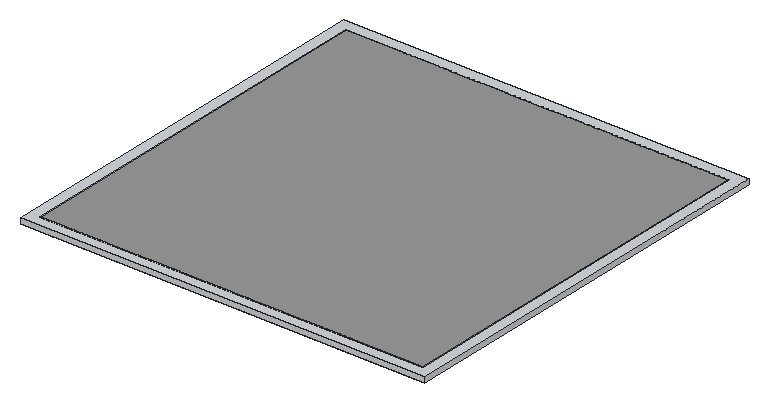
Revit family "44627", category Lighting Fixtures, host Face, Revit 2018
Family settings
  Host = Face
  Round Connector Dimension = Use Diameter
  Part Type = Normal
  OmniClass Number = 23.80.70.00
  OmniClass Title = Lighting
  Cut with Voids When Loaded = No
  Light Source = Yes
  Shared = No
  Room Calculation Point = No
Parameters (values of type "0044627 START PANEL UGR19 600X600 3600 840")
  box length = 1160 mm
  Weight = "n/a"
  Wattage Comments = ""
  Wattage = 9.2903 W
  WarrantyStartDate [instance] = "n/a"
  WarrantyGuarantorParts = "n/a"
  WarrantyDurationUnit = "n/a"
  WarrantyDurationParts = ""
  WarrantyDescription = "http://www.sylvania-lighting.com"
  built-in parameter 1150110 = 1 (stored number, unit not read)
  Voltage = 0 V
  URL = "0.9"
  TypeName = "START Panel UGR19 600x600 3600lm 840"
  Type Image = <None>
  Type Comments = "n/a"
  built-in parameter 1114217 = 1 (stored number, unit not read)
  Tilt Angle = -90.00°
  built-in parameter 1150109 = 1 (stored number, unit not read)
  built-in parameter 1150134 = 3
  built-in parameter 1150113 = 1 (stored number, unit not read)
  SerialNumber [instance] = "n/a"
  Photometric Web File = "0044627.IES"
  Material_3_SYL = none
  PowerFactor = 0
  PowerConsumption = "Lighting"
  NominalLength = 595 mm
  NominalHeight = 25 mm
  NominalDepth = 595 mm
  Name = "START Panel UGR19 600x600 3600lm 840"
  ModelReference = Name  # "START Panel UGR19 600x600 3600lm 840"
  ModelNumber = "0044627"
  Model = Name  # "START Panel UGR19 600x600 3600lm 840"
  Material = "Feilo Sylvania"
  ManufacturerName = "133 lm/W"
  Manufacturer = ""
  LuminousEfficacy = ""
  built-in parameter 1150105 = 109.82 (stored number, unit not read)
  Lumens = 1380 lm
  LuminaireType = "0"
  built-in parameter 1150115 = 1 (stored number, unit not read)
  LightOutputRatio = "LED"
  built-in parameter 1150137 = (empty or 0)
  built-in parameter 1150139 = (empty or 0)
  LampsType = Lamp  # "n/a"
  LampNominalLuminous = "4000 K"
  LampMacAdamStep = "80"
  LampColourTemperature = "LED"
  LampColourRenderingIndex = "16500"
  built-in parameter 1150112 = 1 (stored number, unit not read)
  built-in parameter 1150114 = 1 (stored number, unit not read)
  Lamp = "n/a"
  Keynote = "n/a"
  InstallationDate [instance] = "n/a"
  InputVoltage = "0"
  InputNominalFrequency = "4000"
  built-in parameter 1150132 = (empty or 0)
  built-in parameter 1150102 = (empty or 0)
  built-in parameter 1150107 = 3200 (stored number, unit not read)
  built-in parameter 1150138 = (empty or 0)
  IngressProtection = "IfcLightFixtureType"
  ImpactProtectionIndex = "IfcLightFixtureType"
  built-in parameter 1150106 = 1.0982 (stored number, unit not read)
  IfcExportType = "IfcLightFixtureType"
  IfcExportAs = "Class II"
  Emit from Circle Diameter = 609.6 mm
  Emit Shape Visible in Rendering = no
  ElectricShockClassification = "133"
  built-in parameter 1150104 = 13.8 (stored number, unit not read)
  DocumentationLiterature = "http://www.sylvania-lighting.com/product/en-int/products/0044627"
  DimmingControlOptions = "n/a"
  Material_2_SYL = none
  Dimming Lamp Color Temperature Shift = <None>
  Description = "LED Panel with backlit technology, ideal for general indoor lighting applications such as breakout areas, offices and meeting rooms. Extruded aluminium frame, passive cooling. Low glaring UGR<19. RG0, 90 degree beam angle , optical system: PS diffuser with Prismatic finish. Light color temperature: 4000K Neutral White, total system power: 27W , total fixture output: 3600lm, efficacy: 133 lm/W, Ra80 typical, LED chromacity: 3 step MacAdam ellipse (SDCM3), lifespan: 100,000 hours at 70% of the original output (L70B50), IR/UV free light source without heat radiation, operating voltage: 220-240V / 50-60Hz, low flicker, non dimmable driver, electrical protection: Class II. Degree of Protection: IP40/IP20, suitable for indoor environment only. Nominal size: 595x595mm, Loop in / loop out wiring, saftey cables & quick connector included, 26mm nominal height, White color frame, weight: 1,87Kg."
  Default Elevation = 1219.2 mm
  CreatedOn = "20/11/2023"
  CreatedBy = "@sylvania-lighting.com"
  Cost = 0
  Color Filter = 16777215
  built-in parameter 1114216 [instance] = (empty or 0)
  ClassificationValue = "EF_70_80"
  ClassificationName = "Uniclass2015"
  Material_1_SYL = none
  BarCode [instance] = "n/a"
  built-in parameter 1114218 = 1 (stored number, unit not read)
  built-in parameter 1150133 = 10 (stored number, unit not read)
  AssetType = "Fixed"
  AssetIdentifier [instance] = "n/a"
  Assembly Code = "D5020200"
  Apparent Load = 27 VA
  Material_4_SYL = none
Reference planes
  plane 1 "Center (Front/Back)": y = 0
  plane 2: z = 0
  plane 3 "Center (Left/Right)": x = 0
  plane 4: x = -297.5
  plane 5: x = 297.5
  plane 6: y = 297.5
  plane 7: y = -297.5
  plane 8: z = 1
  plane 9: x = -281.5
  plane 10: y = 281.5
  plane 11: y = -281.5
  plane 12: y = -273.5
  plane 13: y = 273.5
  plane 14: x = -273.482
  plane 15: x = 273.5
  plane 16: z = -17
  plane 17: z = 8
  plane 18: z = 8
  plane 19: x = 281.5
  plane 20: y = 266.5
  plane 21: x = -267.5
  plane 22: y = -266.5
  plane 23: x = 266.5
Forms (mm)
  Extrusion 1, solid, detail levels medium+fine
    sketch origin (0, 0, 0) x (1, 0, 0) y (0, 1, 0)
      loop
        line (-297.5, 297.5) -> (-297.5, -297.5) -> (297.5, -297.5) -> (297.5, 297.5) -> (-297.5, 297.5)
    from 0 to 8
  Extrusion 2, void
    sketch origin (0, 0, 0) x (1, 0, 0) y (0, 1, 0)
      loop
        line (-281.5, 281.5) -> (-281.5, -281.5) -> (281.5, -281.5) -> (281.5, 281.5) -> (-281.5, 281.5)
    from 8 to 6.494
  Extrusion 3, solid, material "Glass, White, High Luminance", detail levels fine
    sketch origin (0, 0, 0) x (1, 0, 0) y (0, 1, 0)
      loop
        line (-281.5, 281.5) -> (-281.5, -281.5) -> (281.5, -281.5) -> (281.5, 281.5) -> (-281.5, 281.5)
    from 8 to 6.494
  Blend 4, solid, detail levels medium+fine
    base sketch origin (0, 0, 0) x (1, 0, 0) y (0, 1, 0)
      loop
        line (-281.5, 266.5) -> (-281.5, -266.5)
        arc (-281.5, -266.5) -> (-277.466, -276.768) -> (-267.5, -281.5) r 15
        line (-267.5, -281.5) -> (266.5, -281.5)
        arc (266.5, -281.5) -> (277.107, -277.107) -> (281.5, -266.5) r 15
        line (281.5, -266.5) -> (281.5, 266.5)
        arc (281.5, 266.5) -> (277.107, 277.107) -> (266.5, 281.5) r 15
        line (266.5, 281.5) -> (-267.5, 281.5)
        arc (-267.5, 281.5) -> (-277.466, 276.768) -> (-281.5, 266.5) r 15
    top sketch origin (0, 0, 0) x (1, 0, 0) y (0, 1, 0)
      loop
        line (-273.482, 266.5) -> (-273.482, -266.5)
        arc (-273.482, -266.5) -> (-271.692, -271.026) -> (-267.5, -273.5) r 7.5
        line (-267.5, -273.5) -> (266.5, -273.5)
        arc (266.5, -273.5) -> (271.319, -271.319) -> (273.5, -266.5) r 7.5
        line (273.5, -266.5) -> (273.5, 266.5)
        arc (273.5, 266.5) -> (271.319, 271.319) -> (266.5, 273.5) r 7.5
        line (266.5, 273.5) -> (-267.5, 273.5)
        arc (-267.5, 273.5) -> (-271.692, 271.026) -> (-273.482, 266.5) r 7.5
    from 0 to -17
  Extrusion 5, solid, detail levels coarse
    sketch origin (0, 0, 0) x (1, 0, 0) y (0, 0, 1)
      loop
        line (-297.5, 8) -> (-297.5, -17) -> (297.5, -17) -> (297.5, 8) -> (-297.5, 8)
    from -297.5 to 297.5
Cuts and joins
  Extrusion 2 cuts Extrusion 1
Dimensions and locks
  "NominalLength": plane 4 to plane 5
  equal spacing: plane 4, plane 3 "Center (Left/Right)", plane 5
  "NominalDepth": plane 6 to plane 7
  equal spacing: plane 6, plane 1 "Center (Front/Back)", plane 7
  "NominalHeight": plane 16 to plane 17
  "NominalHeight": plane 18 to plane 16
  aligned and locked: plane 2 to host face
  aligned and locked: level to host face
Automatic sketch dimensions
  host sketch curve to host sketch curve = 2438.4 mm  (x2)
  Extrusion 1 sketch curve to plane 4 = 0 mm
  Extrusion 1 sketch curve to plane 5 = 0 mm
  Extrusion 1 sketch curve to plane 7 = 0 mm
  Extrusion 1 sketch curve to plane 6 = 0 mm
  Extrusion 2 sketch curve to plane 9 = 0 mm
  Extrusion 2 sketch curve to plane 11 = 0 mm
  Extrusion 2 sketch curve to plane 10 = 0 mm
  Extrusion 3 sketch curve to plane 9 = 0 mm
  Extrusion 3 sketch curve to plane 11 = 0 mm
  Extrusion 3 sketch curve to plane 10 = 0 mm
  plane 15 to Extrusion 2 sketch curve = 8 mm
  plane 15 to Extrusion 3 sketch curve = 8 mm
  Blend 4 sketch curve to plane 9 = 0 mm
  Blend 4 sketch curve to plane 10 = 0 mm
  Blend 4 sketch curve to plane 21 = 0 mm  (x4)
  Blend 4 sketch curve to plane 11 = 0 mm
  Blend 4 sketch curve to plane 22 = 0 mm  (x4)
  Blend 4 sketch curve to plane 23 = 0 mm  (x3)
  Blend 4 sketch curve to plane 20 = 0 mm  (x4)
  Blend 4 sketch curve to plane 22 = 0.033 mm
  plane 20 to Blend 4 sketch curve = 0.033 mm
  Blend 4 sketch curve to plane 14 = 0 mm
  Blend 4 sketch curve to plane 13 = 0 mm
  Blend 4 sketch curve to plane 12 = 0 mm
  Blend 4 sketch curve to plane 15 = 0 mm
  plane 22 to Blend 4 sketch curve = 0.346 mm
  Blend 4 sketch curve to plane 20 = 0.346 mm
  Blend 4 sketch curve to plane 20 = 0.484 mm
  plane 22 to Blend 4 sketch curve = 0.484 mm
  Extrusion 5 sketch curve to plane 4 = 0 mm
  Extrusion 5 sketch curve to plane 5 = 0 mm
  Extrusion 5 sketch curve to plane 16 = 0 mm
  Extrusion 5 sketch curve to plane 17 = 0 mm
Connectors
  electrical at (0, 0, 0)
    settings: on cut or joined group of Extrusion 1, Extrusion 2, index 1, voltage 0 V, apparent load 0 VA, apparent load phase1 0 VA, apparent load phase2 0 VA, apparent load phase3 0 VA, power factor 1, load classification "Other", number of poles 1, system type 31, power factor state 1, is connector primary yes, connector utility no, sub classification motor no, connector description ""
